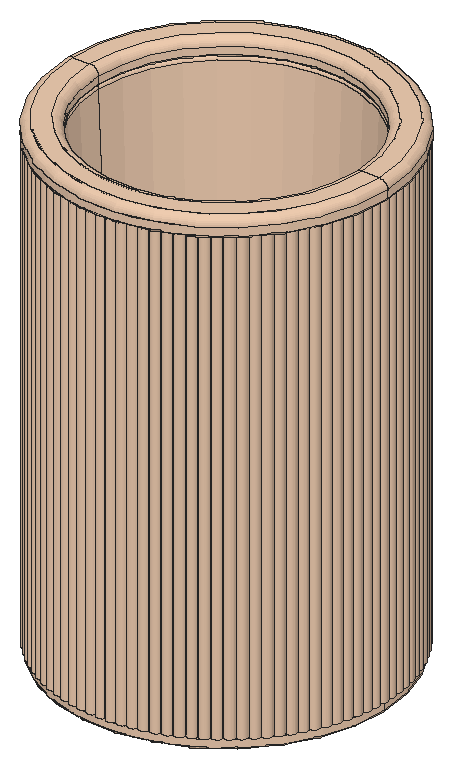
Revit family "DBLTD_TheSenatorGroup_OffcStrg_Furrow", category Furniture, Revit 2019
Family settings
  Work Plane-Based = No
  Always vertical = Yes
  Cut with Voids When Loaded = No
  Shared = Yes
  Room Calculation Point = No
Parameters (values of type "Circular Timber Planter")
  WarrantyStartDate [instance] = "1900-12-31T23:59:59"
  WarrantyGuarantorParts = "n/a"
  WarrantyGuarantorLabor = "n/a"
  WarrantyDurationUnit = "Years"
  WarrantyDurationParts = "n/a"
  WarrantyDurationLabor = "n/a"
  WarrantyDescription = "Allermuir will repair, or replace (at Allermuir’s sole discretion) with comparable free of charge materials/ components, any product/ component which fails under normal use in a single shift environment, as a result of a defect in the materials and/or workmanship. Exceptions - Non-standard product - 2 years Screen-mounted Accessories/ Dry-wipe Boards - 2 years Electrical and/or electronic componentry - 2 years. Exclusions - Allermuir does not warrant: Failure due to normal “Wear and Tear”. Natural variations in appearance of wood - its grain, figure and colour. Changes in surface appearance resulting from exposure to light, and the natural ageing process of wood. Changes in surface appearance resulting from the misuse of cleaning materials and methods/ damage form sharp objects/ imprinting from writing implements. Natural variations in Leather - its marks, scars and wrinkles. Product stored/ exposed to extreme operational conditions. Consumable components such as Fuses/ Lights/ lamps/ transformers/etc. Other Manufacturer’s product supplied by Allermuir (their own warranty shall apply where possible). Non-standard fabrics/ finishes or veneers used. Allermuir only checks the manufacturing quality of Customer’s Own Material (COM) and provides no warrant"
  Version = "2"  # constant formula
  Uniclass2015Version = "Products v1.9"
  Uniclass2015Title = "Office storage units"
  Uniclass2015Code = "Pr_40_30_78_57"
  URL = "https://www.thesenatorgroup.com/"
  Type Comments = ModelNumber  # "FW40RDT"
  TagNumber [instance] = "n/a"
  SustainabilityPerformance = "n/a"  # constant formula
  Style = "n/a"
  Size = "L 400mm x  W 400mm x  H 600mm"
  Shape = "Rectangular"
  SerialNumber [instance] = "n/a"
  Revision = "n/a"
  ReplacementCost = "n/a"
  ProductInformation = "https://www.thesenatorgroup.com/"
  PlanterType = DBLTD_TheSenatorGroup_OffcStrg_Furrow_WoodRound : DBLTD_TheSenatorGroup_OffcStrg_Furrow_WoodRound
  OuterMaterial = TheSenatorGroup_Metal_White
  OmniClassTitle = "Storage"
  OmniClassCode = "22-12 51 19"
  NominalWidth = NominalLength  # 400 mm
  NominalLength = 400 mm
  NominalHeight = 600 mm
  NominalDepth = 400 mm  # constant formula
  Name = "OfficeStorage_Furrow_TheSenatorGroup"
  NBSReference = "45-35-80/360"
  NBSDescription = "Office storage"
  NBSCertification = ""
  ModelReference = "Circular Timber Planter"
  ModelNumber = "FW40RDT"
  Model = ModelNumber  # "FW40RDT"
  Material = "Oak, Steel, HIPS liner"
  ManufacturerURL = "https://www.thesenatorgroup.com/"
  ManufacturerName = "The Senator Group"
  Manufacturer = "The Senator Group"
  MainColor = "n/a"
  Keynote = "Pr_40_30_78_57"
  InstallationDate [instance] = "1900-12-31T23:59:59"
  IfcExportType = "STORAGE"  # constant formula
  IfcExportAs = "IfcFurnitureType"  # constant formula
  Grade = "n/a"
  FrameMaterial [instance] = TheSenatorGroup_Wood_Oak
  Finish = "Available in Oak, Black Steel, White Steel"
  Features = "Furow makes adding plants to workplace and\r\nhospitality interiors easy"
  ExpectedLife = "n/a"
  DurationUnit = "year"
  Description = ModelNumber  # "FW40RDT"
  Cost = 0
  Constituents = ""
  Color = "Defined by Finish Specifed"
  CodePerformance = "n/a"
  Category = "Pr_40_30_78_57:Office storage units"
  BarCode [instance] = "n/a"
  BIMObjectName = "TheSenatorGroup_OfficeStorage_Furrow"
  Author = "Diane Butterworth Ltd"  # constant formula
  AssetType = "Movable"
  AssetIdentifier [instance] = "n/a"
  AccessibilityPerformance = "n/a"
Types (5, lengths in mm): name | Type Comments | Size | PlanterType | NominalWidth | NominalLength | NominalHeight | ModelReference | ModelNumber | Model | Description
  (no name) | "FW40RDT" | "L 400mm x  W 400mm x  H 600mm" | DBLTD_TheSenatorGroup_OffcStrg_Furrow_WoodRound : DBLTD_TheSenatorGroup_OffcStrg_Furrow_WoodRound | 400 | 400 | 600 | "Circular Timber Planter" | "FW40RDT" | "FW40RDT" | "FW40RDT"
  Circular Steel Planter | "FW40RDS" | "L 400mm x  W 400mm x  H 600mm" | DBLTD_TheSenatorGroup_OffcStrg_Furrow_SteelRound : DBLTD_TheSenatorGroup_OffcStrg_Furrow_SteelRound | 400 | 400 | 600 | "Circular Steel Planter" | "FW40RDS" | "FW40RDS" | "FW40RDS"
  Rectangular Steel Planter | "FW4014S" | "L 400mm x  W 1400mm x  H 950mm" | DBLTD_TheSenatorGroup_OffcStrg_Furrow_SteelLong : DBLTD_TheSenatorGroup_OffcStrg_Furrow_SteelLong | 1400 | 1400 | 950 | "Rectangular Steel Planter" | "FW4014S" | "FW4014S" | "FW4014S"
  Circular Timber Planter | "FW40RDT" | "L 400mm x  W 400mm x  H 600mm" | DBLTD_TheSenatorGroup_OffcStrg_Furrow_WoodRound : DBLTD_TheSenatorGroup_OffcStrg_Furrow_WoodRound | 400 | 400 | 600 | "Circular Timber Planter" | "FW40RDT" | "FW40RDT" | "FW40RDT"
  Rectangular Timber Planter | "FW4014T" | "L 400mm x  W 1400mm x  H 950mm" | DBLTD_TheSenatorGroup_OffcStrg_Furrow_WoodLong : DBLTD_TheSenatorGroup_OffcStrg_Furrow_WoodLong | 1400 | 1400 | 950 | "Rectangular Timber Planter" | "FW4014T" | "FW4014T" | "FW4014T"
Reference planes
  plane 1 "Back": y = 0
  plane 2: z = 0
  plane 3 "Center (Left/Right)": x = 0
  plane 4 "Front": y = -400
  plane 5 "Left": x = -200
  plane 6 "Right": x = 200
  plane 7 "Top": z = 600
  plane 8: y = -200
Dimensions and locks
  "NominalDepth": plane 4 "Front" to plane 1 "Back"
  equal spacing: plane 5 "Left", plane 3 "Center (Left/Right)", plane 6 "Right"
  "NominalLength": plane 5 "Left" to plane 6 "Right"
  "NominalHeight": plane 7 "Top" to level
  equal spacing: plane 4 "Front", plane 8, plane 1 "Back"
  aligned and locked: level to plane 2
  aligned and locked: nested 1 to plane 8
  aligned and locked: plane 3 "Center (Left/Right)" to nested 1
Nested families
  nested 1: "DBLTD_TheSenatorGroup_OffcStrg_Furrow_WoodRound" at (0, -200, 0), type <- "PlanterType", CoverStripMaterial <- "FrameMaterial", OuterMaterial <- "OuterMaterial", type "DBLTD_TheSenatorGroup_OffcStrg_Furrow_WoodRound"
    with OuterMaterial TheSenatorGroup_Metal_White, CoverStripMaterial TheSenatorGroup_Wood_Oak
Definition of nested family "DBLTD_TheSenatorGroup_OffcStrg_Furrow_WoodRound"
  Parameters (values of type "DBLTD_TheSenatorGroup_OffcStrg_Furrow_WoodRound")
    OuterMaterial [instance] = none
    CoverStripMaterial [instance] = none
  Reference planes
    plane 1 "Center (Front/Back)": y = 0
    plane 2: z = 0
    plane 3 "Center (Left/Right)": x = 0
  Forms (mm)
    Revolve 1, solid, material <- "CoverStripMaterial"
      sketch origin (0, 0, 0) x (1, 0, 0) y (0, 0, 1)
        loop
          line (-150.381, 343.104) -> (-159.543, 574.272)
          arc (-159.543, 574.272) -> (-161.325, 578.089) -> (-165.298, 579.491) r 5.444
          line (-165.298, 579.491) -> (-160.543, 579.491)
          arc (-160.543, 579.491) -> (-159.836, 579.784) -> (-159.543, 580.491) r 1
          line (-159.543, 580.491) -> (-159.543, 589.5)
          arc (-159.543, 589.5) -> (-162.472, 596.571) -> (-169.543, 599.5) r 10
          line (-169.543, 599.5) -> (-190.99, 599.5)
          arc (-190.99, 599.5) -> (-198.061, 596.571) -> (-200.99, 589.5) r 10
          line (-200.99, 589.5) -> (-200.99, 579.624)
          arc (-200.99, 579.624) -> (-200.661, 578.829) -> (-199.866, 578.5) r 1.124
          line (-199.866, 578.5) -> (-174.532, 578.5) -> (-174.532, 17.5) -> (-195.982, 17.5)
          arc (-195.982, 17.5) -> (-196.702, 17.202) -> (-197, 16.482) r 1.018
          line (-197, 16.482) -> (-197, 6.5)
          arc (-197, 6.5) -> (-196.707, 5.793) -> (-196, 5.5) r 1
          line (-196, 5.5) -> (0, 5.5) -> (0, 333.5) -> (-140.389, 333.5)
          arc (-140.389, 333.5) -> (-147.318, 336.29) -> (-150.381, 343.104) r 10
        axis (0, 599.5) -> (0, 5.5)
      angle from 0 to 360
    Extrusion 2, solid
      sketch origin (0, 0, 0) x (1, 0, 0) y (0, 1, 0)
        loop
          circle (-115.208, 115.249) r 9.99
        loop
          circle (115.208, 115.249) r 9.99
        loop
          circle (-115.208, -115.249) r 9.99
        loop
          circle (115.208, -115.249) r 9.99
      from 0 to 5.576
    Extrusion 3, solid, material <- "CoverStripMaterial"
      sketch origin (0, 0, 0) x (1, 0, 0) y (0, 1, 0)
        loop
          line (-6, 195.05) -> (6, 195.05) -> (6, 196.05)
          arc (6, 196.05) -> (0, 200.229) -> (-6, 196.05) r 6.397
          line (-6, 196.05) -> (-6, 195.05)
      from 17.5 to 578.5
    Extrusion 4, solid, material <- "CoverStripMaterial"
      sketch origin (0, 0, 0) x (0.998027, -0.062791, 0) y (0.062791, 0.998027, 0)
        loop
          line (-6, 195.05) -> (6, 195.05) -> (6, 196.05)
          arc (6, 196.05) -> (0, 200.229) -> (-6, 196.05) r 6.397
          line (-6, 196.05) -> (-6, 195.05)
      from 17.5 to 578.5
    Extrusion 5, solid, material <- "CoverStripMaterial"
      sketch origin (0, 0, 0) x (0.992115, -0.125333, 0) y (0.125333, 0.992115, 0)
        loop
          line (-6, 195.05) -> (6, 195.05) -> (6, 196.05)
          arc (6, 196.05) -> (0, 200.229) -> (-6, 196.05) r 6.397
          line (-6, 196.05) -> (-6, 195.05)
      from 17.5 to 578.5
    Extrusion 6, solid, material <- "CoverStripMaterial"
      sketch origin (0, 0, 0) x (0.982287, -0.187381, 0) y (0.187381, 0.982287, 0)
        loop
          line (-6, 195.05) -> (6, 195.05) -> (6, 196.05)
          arc (6, 196.05) -> (0, 200.229) -> (-6, 196.05) r 6.397
          line (-6, 196.05) -> (-6, 195.05)
      from 17.5 to 578.5
    Extrusion 7, solid, material <- "CoverStripMaterial"
      sketch origin (0, 0, 0) x (0.968583, -0.24869, 0) y (0.24869, 0.968583, 0)
        loop
          line (-6, 195.05) -> (6, 195.05) -> (6, 196.05)
          arc (6, 196.05) -> (0, 200.229) -> (-6, 196.05) r 6.397
          line (-6, 196.05) -> (-6, 195.05)
      from 17.5 to 578.5
    Extrusion 8, solid, material <- "CoverStripMaterial"
      sketch origin (0, 0, 0) x (0.951056, -0.309017, 0) y (0.309017, 0.951056, 0)
        loop
          line (-6, 195.05) -> (6, 195.05) -> (6, 196.05)
          arc (6, 196.05) -> (0, 200.229) -> (-6, 196.05) r 6.397
          line (-6, 196.05) -> (-6, 195.05)
      from 17.5 to 578.5
    Extrusion 9, solid, material <- "CoverStripMaterial"
      sketch origin (0, 0, 0) x (0.929776, -0.368125, 0) y (0.368125, 0.929776, 0)
        loop
          line (-6, 195.05) -> (6, 195.05) -> (6, 196.05)
          arc (6, 196.05) -> (0, 200.229) -> (-6, 196.05) r 6.397
          line (-6, 196.05) -> (-6, 195.05)
      from 17.5 to 578.5
    Extrusion 10, solid, material <- "CoverStripMaterial"
      sketch origin (0, 0, 0) x (0.904827, -0.425779, 0) y (0.425779, 0.904827, 0)
        loop
          line (-6, 195.05) -> (6, 195.05) -> (6, 196.05)
          arc (6, 196.05) -> (0, 200.229) -> (-6, 196.05) r 6.397
          line (-6, 196.05) -> (-6, 195.05)
      from 17.5 to 578.5
    Extrusion 11, solid, material <- "CoverStripMaterial"
      sketch origin (0, 0, 0) x (0.876307, -0.481754, 0) y (0.481754, 0.876307, 0)
        loop
          line (-6, 195.05) -> (6, 195.05) -> (6, 196.05)
          arc (6, 196.05) -> (0, 200.229) -> (-6, 196.05) r 6.397
          line (-6, 196.05) -> (-6, 195.05)
      from 17.5 to 578.5
    Extrusion 12, solid, material <- "CoverStripMaterial"
      sketch origin (0, 0, 0) x (0.844328, -0.535827, 0) y (0.535827, 0.844328, 0)
        loop
          line (-6, 195.05) -> (6, 195.05) -> (6, 196.05)
          arc (6, 196.05) -> (0, 200.229) -> (-6, 196.05) r 6.397
          line (-6, 196.05) -> (-6, 195.05)
      from 17.5 to 578.5
    Extrusion 13, solid, material <- "CoverStripMaterial"
      sketch origin (0, 0, 0) x (0.809017, -0.587785, 0) y (0.587785, 0.809017, 0)
        loop
          line (-6, 195.05) -> (6, 195.05) -> (6, 196.05)
          arc (6, 196.05) -> (0, 200.229) -> (-6, 196.05) r 6.397
          line (-6, 196.05) -> (-6, 195.05)
      from 17.5 to 578.5
    Extrusion 14, solid, material <- "CoverStripMaterial"
      sketch origin (0, 0, 0) x (0.770513, -0.637424, 0) y (0.637424, 0.770513, 0)
        loop
          line (-6, 195.05) -> (6, 195.05) -> (6, 196.05)
          arc (6, 196.05) -> (0, 200.229) -> (-6, 196.05) r 6.397
          line (-6, 196.05) -> (-6, 195.05)
      from 17.5 to 578.5
    Extrusion 15, solid, material <- "CoverStripMaterial"
      sketch origin (0, 0, 0) x (0.728968, -0.684547, 0) y (0.684547, 0.728968, 0)
        loop
          line (-6, 195.05) -> (6, 195.05) -> (6, 196.05)
          arc (6, 196.05) -> (0, 200.229) -> (-6, 196.05) r 6.397
          line (-6, 196.05) -> (-6, 195.05)
      from 17.5 to 578.5
    Extrusion 16, solid, material <- "CoverStripMaterial"
      sketch origin (0, 0, 0) x (0.684547, -0.728969, 0) y (0.728969, 0.684547, 0)
        loop
          line (-6, 195.05) -> (6, 195.05) -> (6, 196.05)
          arc (6, 196.05) -> (0, 200.229) -> (-6, 196.05) r 6.397
          line (-6, 196.05) -> (-6, 195.05)
      from 17.5 to 578.5
    Extrusion 17, solid, material <- "CoverStripMaterial"
      sketch origin (0, 0, 0) x (0.637424, -0.770514, 0) y (0.770514, 0.637424, 0)
        loop
          line (-6, 195.05) -> (6, 195.05) -> (6, 196.05)
          arc (6, 196.05) -> (0, 200.229) -> (-6, 196.05) r 6.397
          line (-6, 196.05) -> (-6, 195.05)
      from 17.5 to 578.5
    Extrusion 18, solid, material <- "CoverStripMaterial"
      sketch origin (0, 0, 0) x (0.587785, -0.809017, 0) y (0.809017, 0.587785, 0)
        loop
          line (-6, 195.05) -> (6, 195.05) -> (6, 196.05)
          arc (6, 196.05) -> (0, 200.229) -> (-6, 196.05) r 6.397
          line (-6, 196.05) -> (-6, 195.05)
      from 17.5 to 578.5
    Extrusion 19, solid, material <- "CoverStripMaterial"
      sketch origin (0, 0, 0) x (0.535826, -0.844328, 0) y (0.844328, 0.535826, 0)
        loop
          line (-6, 195.05) -> (6, 195.05) -> (6, 196.05)
          arc (6, 196.05) -> (0, 200.229) -> (-6, 196.05) r 6.397
          line (-6, 196.05) -> (-6, 195.05)
      from 17.5 to 578.5
    Extrusion 20, solid, material <- "CoverStripMaterial"
      sketch origin (0, 0, 0) x (0.481753, -0.876307, 0) y (0.876307, 0.481753, 0)
        loop
          line (-6, 195.05) -> (6, 195.05) -> (6, 196.05)
          arc (6, 196.05) -> (0, 200.229) -> (-6, 196.05) r 6.397
          line (-6, 196.05) -> (-6, 195.05)
      from 17.5 to 578.5
    Extrusion 21, solid, material <- "CoverStripMaterial"
      sketch origin (0, 0, 0) x (0.425779, -0.904827, 0) y (0.904827, 0.425779, 0)
        loop
          line (-6, 195.05) -> (6, 195.05) -> (6, 196.05)
          arc (6, 196.05) -> (0, 200.229) -> (-6, 196.05) r 6.397
          line (-6, 196.05) -> (-6, 195.05)
      from 17.5 to 578.5
    Extrusion 22, solid, material <- "CoverStripMaterial"
      sketch origin (0, 0, 0) x (0.368124, -0.929777, 0) y (0.929777, 0.368124, 0)
        loop
          line (-6, 195.05) -> (6, 195.05) -> (6, 196.05)
          arc (6, 196.05) -> (0, 200.229) -> (-6, 196.05) r 6.397
          line (-6, 196.05) -> (-6, 195.05)
      from 17.5 to 578.5
    Extrusion 23, solid, material <- "CoverStripMaterial"
      sketch origin (0, 0, 0) x (0.309016, -0.951057, 0) y (0.951057, 0.309016, 0)
        loop
          line (-6, 195.05) -> (6, 195.05) -> (6, 196.05)
          arc (6, 196.05) -> (0, 200.229) -> (-6, 196.05) r 6.397
          line (-6, 196.05) -> (-6, 195.05)
      from 17.5 to 578.5
    Extrusion 24, solid, material <- "CoverStripMaterial"
      sketch origin (0, 0, 0) x (0.248689, -0.968583, 0) y (0.968583, 0.248689, 0)
        loop
          line (-6, 195.05) -> (6, 195.05) -> (6, 196.05)
          arc (6, 196.05) -> (0, 200.229) -> (-6, 196.05) r 6.397
          line (-6, 196.05) -> (-6, 195.05)
      from 17.5 to 578.5
    Extrusion 25, solid, material <- "CoverStripMaterial"
      sketch origin (0, 0, 0) x (0.187381, -0.982287, 0) y (0.982287, 0.187381, 0)
        loop
          line (-6, 195.05) -> (6, 195.05) -> (6, 196.05)
          arc (6, 196.05) -> (0, 200.229) -> (-6, 196.05) r 6.397
          line (-6, 196.05) -> (-6, 195.05)
      from 17.5 to 578.5
    Extrusion 26, solid, material <- "CoverStripMaterial"
      sketch origin (0, 0, 0) x (0.125333, -0.992115, 0) y (0.992115, 0.125333, 0)
        loop
          line (-6, 195.05) -> (6, 195.05) -> (6, 196.05)
          arc (6, 196.05) -> (0, 200.229) -> (-6, 196.05) r 6.397
          line (-6, 196.05) -> (-6, 195.05)
      from 17.5 to 578.5
    Extrusion 27, solid, material <- "CoverStripMaterial"
      sketch origin (0, 0, 0) x (0.06279, -0.998027, 0) y (0.998027, 0.06279, 0)
        loop
          line (-6, 195.05) -> (6, 195.05) -> (6, 196.05)
          arc (6, 196.05) -> (0, 200.229) -> (-6, 196.05) r 6.397
          line (-6, 196.05) -> (-6, 195.05)
      from 17.5 to 578.5
    Extrusion 28, solid, material <- "CoverStripMaterial"
      sketch origin (0, 0, 0) x (-0.000001, -1, 0) y (1, -0.000001, 0)
        loop
          line (-6, 195.05) -> (6, 195.05) -> (6, 196.05)
          arc (6, 196.05) -> (0, 200.229) -> (-6, 196.05) r 6.397
          line (-6, 196.05) -> (-6, 195.05)
      from 17.5 to 578.5
    Extrusion 29, solid, material <- "CoverStripMaterial"
      sketch origin (0, 0, 0) x (-0.062791, -0.998027, 0) y (0.998027, -0.062791, 0)
        loop
          line (-6, 195.05) -> (6, 195.05) -> (6, 196.05)
          arc (6, 196.05) -> (0, 200.229) -> (-6, 196.05) r 6.397
          line (-6, 196.05) -> (-6, 195.05)
      from 17.5 to 578.5
    Extrusion 30, solid, material <- "CoverStripMaterial"
      sketch origin (0, 0, 0) x (-0.125334, -0.992115, 0) y (0.992115, -0.125334, 0)
        loop
          line (-6, 195.05) -> (6, 195.05) -> (6, 196.05)
          arc (6, 196.05) -> (0, 200.229) -> (-6, 196.05) r 6.397
          line (-6, 196.05) -> (-6, 195.05)
      from 17.5 to 578.5
    Extrusion 31, solid, material <- "CoverStripMaterial"
      sketch origin (0, 0, 0) x (-0.187382, -0.982287, 0) y (0.982287, -0.187382, 0)
        loop
          line (-6, 195.05) -> (6, 195.05) -> (6, 196.05)
          arc (6, 196.05) -> (0, 200.229) -> (-6, 196.05) r 6.397
          line (-6, 196.05) -> (-6, 195.05)
      from 17.5 to 578.5
    Extrusion 32, solid, material <- "CoverStripMaterial"
      sketch origin (0, 0, 0) x (-0.248691, -0.968583, 0) y (0.968583, -0.248691, 0)
        loop
          line (-6, 195.05) -> (6, 195.05) -> (6, 196.05)
          arc (6, 196.05) -> (0, 200.229) -> (-6, 196.05) r 6.397
          line (-6, 196.05) -> (-6, 195.05)
      from 17.5 to 578.5
    Extrusion 33, solid, material <- "CoverStripMaterial"
      sketch origin (0, 0, 0) x (-0.309018, -0.951056, 0) y (0.951056, -0.309018, 0)
        loop
          line (-6, 195.05) -> (6, 195.05) -> (6, 196.05)
          arc (6, 196.05) -> (0, 200.229) -> (-6, 196.05) r 6.397
          line (-6, 196.05) -> (-6, 195.05)
      from 17.5 to 578.5
    Extrusion 34, solid, material <- "CoverStripMaterial"
      sketch origin (0, 0, 0) x (-0.368125, -0.929776, 0) y (0.929776, -0.368125, 0)
        loop
          line (-6, 195.05) -> (6, 195.05) -> (6, 196.05)
          arc (6, 196.05) -> (0, 200.229) -> (-6, 196.05) r 6.397
          line (-6, 196.05) -> (-6, 195.05)
      from 17.5 to 578.5
    Extrusion 35, solid, material <- "CoverStripMaterial"
      sketch origin (0, 0, 0) x (-0.42578, -0.904827, 0) y (0.904827, -0.42578, 0)
        loop
          line (-6, 195.05) -> (6, 195.05) -> (6, 196.05)
          arc (6, 196.05) -> (0, 200.229) -> (-6, 196.05) r 6.397
          line (-6, 196.05) -> (-6, 195.05)
      from 17.5 to 578.5
    Extrusion 36, solid, material <- "CoverStripMaterial"
      sketch origin (0, 0, 0) x (-0.481755, -0.876306, 0) y (0.876306, -0.481755, 0)
        loop
          line (-6, 195.05) -> (6, 195.05) -> (6, 196.05)
          arc (6, 196.05) -> (0, 200.229) -> (-6, 196.05) r 6.397
          line (-6, 196.05) -> (-6, 195.05)
      from 17.5 to 578.5
    Extrusion 37, solid, material <- "CoverStripMaterial"
      sketch origin (0, 0, 0) x (-0.535828, -0.844327, 0) y (0.844327, -0.535828, 0)
        loop
          line (-6, 195.05) -> (6, 195.05) -> (6, 196.05)
          arc (6, 196.05) -> (0, 200.229) -> (-6, 196.05) r 6.397
          line (-6, 196.05) -> (-6, 195.05)
      from 17.5 to 578.5
    Extrusion 38, solid, material <- "CoverStripMaterial"
      sketch origin (0, 0, 0) x (-0.587786, -0.809016, 0) y (0.809016, -0.587786, 0)
        loop
          line (-6, 195.05) -> (6, 195.05) -> (6, 196.05)
          arc (6, 196.05) -> (0, 200.229) -> (-6, 196.05) r 6.397
          line (-6, 196.05) -> (-6, 195.05)
      from 17.5 to 578.5
    Extrusion 39, solid, material <- "CoverStripMaterial"
      sketch origin (0, 0, 0) x (-0.637425, -0.770513, 0) y (0.770513, -0.637425, 0)
        loop
          line (-6, 195.05) -> (6, 195.05) -> (6, 196.05)
          arc (6, 196.05) -> (0, 200.229) -> (-6, 196.05) r 6.397
          line (-6, 196.05) -> (-6, 195.05)
      from 17.5 to 578.5
    Extrusion 40, solid, material <- "CoverStripMaterial"
      sketch origin (0, 0, 0) x (-0.684548, -0.728968, 0) y (0.728968, -0.684548, 0)
        loop
          line (-6, 195.05) -> (6, 195.05) -> (6, 196.05)
          arc (6, 196.05) -> (0, 200.229) -> (-6, 196.05) r 6.397
          line (-6, 196.05) -> (-6, 195.05)
      from 17.5 to 578.5
    Extrusion 41, solid, material <- "CoverStripMaterial"
      sketch origin (0, 0, 0) x (-0.728969, -0.684546, 0) y (0.684546, -0.728969, 0)
        loop
          line (-6, 195.05) -> (6, 195.05) -> (6, 196.05)
          arc (6, 196.05) -> (0, 200.229) -> (-6, 196.05) r 6.397
          line (-6, 196.05) -> (-6, 195.05)
      from 17.5 to 578.5
    Extrusion 42, solid, material <- "CoverStripMaterial"
      sketch origin (0, 0, 0) x (-0.770514, -0.637423, 0) y (0.637423, -0.770514, 0)
        loop
          line (-6, 195.05) -> (6, 195.05) -> (6, 196.05)
          arc (6, 196.05) -> (0, 200.229) -> (-6, 196.05) r 6.397
          line (-6, 196.05) -> (-6, 195.05)
      from 17.5 to 578.5
    Extrusion 43, solid, material <- "CoverStripMaterial"
      sketch origin (0, 0, 0) x (-0.809018, -0.587784, 0) y (0.587784, -0.809018, 0)
        loop
          line (-6, 195.05) -> (6, 195.05) -> (6, 196.05)
          arc (6, 196.05) -> (0, 200.229) -> (-6, 196.05) r 6.397
          line (-6, 196.05) -> (-6, 195.05)
      from 17.5 to 578.5
    Extrusion 44, solid, material <- "CoverStripMaterial"
      sketch origin (0, 0, 0) x (-0.844329, -0.535826, 0) y (0.535826, -0.844329, 0)
        loop
          line (-6, 195.05) -> (6, 195.05) -> (6, 196.05)
          arc (6, 196.05) -> (0, 200.229) -> (-6, 196.05) r 6.397
          line (-6, 196.05) -> (-6, 195.05)
      from 17.5 to 578.5
    Extrusion 45, solid, material <- "CoverStripMaterial"
      sketch origin (0, 0, 0) x (-0.876307, -0.481753, 0) y (0.481753, -0.876307, 0)
        loop
          line (-6, 195.05) -> (6, 195.05) -> (6, 196.05)
          arc (6, 196.05) -> (0, 200.229) -> (-6, 196.05) r 6.397
          line (-6, 196.05) -> (-6, 195.05)
      from 17.5 to 578.5
    Extrusion 46, solid, material <- "CoverStripMaterial"
      sketch origin (0, 0, 0) x (-0.904828, -0.425778, 0) y (0.425778, -0.904828, 0)
        loop
          line (-6, 195.05) -> (6, 195.05) -> (6, 196.05)
          arc (6, 196.05) -> (0, 200.229) -> (-6, 196.05) r 6.397
          line (-6, 196.05) -> (-6, 195.05)
      from 17.5 to 578.5
    Extrusion 47, solid, material <- "CoverStripMaterial"
      sketch origin (0, 0, 0) x (-0.929777, -0.368123, 0) y (0.368123, -0.929777, 0)
        loop
          line (-6, 195.05) -> (6, 195.05) -> (6, 196.05)
          arc (6, 196.05) -> (0, 200.229) -> (-6, 196.05) r 6.397
          line (-6, 196.05) -> (-6, 195.05)
      from 17.5 to 578.5
    Extrusion 48, solid, material <- "CoverStripMaterial"
      sketch origin (0, 0, 0) x (-0.951057, -0.309016, 0) y (0.309016, -0.951057, 0)
        loop
          line (-6, 195.05) -> (6, 195.05) -> (6, 196.05)
          arc (6, 196.05) -> (0, 200.229) -> (-6, 196.05) r 6.397
          line (-6, 196.05) -> (-6, 195.05)
      from 17.5 to 578.5
    Extrusion 49, solid, material <- "CoverStripMaterial"
      sketch origin (0, 0, 0) x (-0.968583, -0.248689, 0) y (0.248689, -0.968583, 0)
        loop
          line (-6, 195.05) -> (6, 195.05) -> (6, 196.05)
          arc (6, 196.05) -> (0, 200.229) -> (-6, 196.05) r 6.397
          line (-6, 196.05) -> (-6, 195.05)
      from 17.5 to 578.5
    Extrusion 50, solid, material <- "CoverStripMaterial"
      sketch origin (0, 0, 0) x (-0.982288, -0.18738, 0) y (0.18738, -0.982288, 0)
        loop
          line (-6, 195.05) -> (6, 195.05) -> (6, 196.05)
          arc (6, 196.05) -> (0, 200.229) -> (-6, 196.05) r 6.397
          line (-6, 196.05) -> (-6, 195.05)
      from 17.5 to 578.5
    Extrusion 51, solid, material <- "CoverStripMaterial"
      sketch origin (0, 0, 0) x (-0.992115, -0.125332, 0) y (0.125332, -0.992115, 0)
        loop
          line (-6, 195.05) -> (6, 195.05) -> (6, 196.05)
          arc (6, 196.05) -> (0, 200.229) -> (-6, 196.05) r 6.397
          line (-6, 196.05) -> (-6, 195.05)
      from 17.5 to 578.5
    Extrusion 52, solid, material <- "CoverStripMaterial"
      sketch origin (0, 0, 0) x (-0.998027, -0.062789, 0) y (0.062789, -0.998027, 0)
        loop
          line (-6, 195.05) -> (6, 195.05) -> (6, 196.05)
          arc (6, 196.05) -> (0, 200.229) -> (-6, 196.05) r 6.397
          line (-6, 196.05) -> (-6, 195.05)
      from 17.5 to 578.5
    Extrusion 53, solid, material <- "CoverStripMaterial"
      sketch origin (0, 0, 0) x (-1, 0.000001, 0) y (-0.000001, -1, 0)
        loop
          line (-6, 195.05) -> (6, 195.05) -> (6, 196.05)
          arc (6, 196.05) -> (0, 200.229) -> (-6, 196.05) r 6.397
          line (-6, 196.05) -> (-6, 195.05)
      from 17.5 to 578.5
    Extrusion 54, solid, material <- "CoverStripMaterial"
      sketch origin (0, 0, 0) x (-0.998027, 0.062792, 0) y (-0.062792, -0.998027, 0)
        loop
          line (-6, 195.05) -> (6, 195.05) -> (6, 196.05)
          arc (6, 196.05) -> (0, 200.229) -> (-6, 196.05) r 6.397
          line (-6, 196.05) -> (-6, 195.05)
      from 17.5 to 578.5
    Extrusion 55, solid, material <- "CoverStripMaterial"
      sketch origin (0, 0, 0) x (-0.992115, 0.125335, 0) y (-0.125335, -0.992115, 0)
        loop
          line (-6, 195.05) -> (6, 195.05) -> (6, 196.05)
          arc (6, 196.05) -> (0, 200.229) -> (-6, 196.05) r 6.397
          line (-6, 196.05) -> (-6, 195.05)
      from 17.5 to 578.5
    Extrusion 56, solid, material <- "CoverStripMaterial"
      sketch origin (0, 0, 0) x (-0.982287, 0.187383, 0) y (-0.187383, -0.982287, 0)
        loop
          line (-6, 195.05) -> (6, 195.05) -> (6, 196.05)
          arc (6, 196.05) -> (0, 200.229) -> (-6, 196.05) r 6.397
          line (-6, 196.05) -> (-6, 195.05)
      from 17.5 to 578.5
    Extrusion 57, solid, material <- "CoverStripMaterial"
      sketch origin (0, 0, 0) x (-0.968583, 0.248691, 0) y (-0.248691, -0.968583, 0)
        loop
          line (-6, 195.05) -> (6, 195.05) -> (6, 196.05)
          arc (6, 196.05) -> (0, 200.229) -> (-6, 196.05) r 6.397
          line (-6, 196.05) -> (-6, 195.05)
      from 17.5 to 578.5
    Extrusion 58, solid, material <- "CoverStripMaterial"
      sketch origin (0, 0, 0) x (-0.951056, 0.309019, 0) y (-0.309019, -0.951056, 0)
        loop
          line (-6, 195.05) -> (6, 195.05) -> (6, 196.05)
          arc (6, 196.05) -> (0, 200.229) -> (-6, 196.05) r 6.397
          line (-6, 196.05) -> (-6, 195.05)
      from 17.5 to 578.5
    Extrusion 59, solid, material <- "CoverStripMaterial"
      sketch origin (0, 0, 0) x (-0.929776, 0.368126, 0) y (-0.368126, -0.929776, 0)
        loop
          line (-6, 195.05) -> (6, 195.05) -> (6, 196.05)
          arc (6, 196.05) -> (0, 200.229) -> (-6, 196.05) r 6.397
          line (-6, 196.05) -> (-6, 195.05)
      from 17.5 to 578.5
    Extrusion 60, solid, material <- "CoverStripMaterial"
      sketch origin (0, 0, 0) x (-0.904826, 0.425781, 0) y (-0.425781, -0.904826, 0)
        loop
          line (-6, 195.05) -> (6, 195.05) -> (6, 196.05)
          arc (6, 196.05) -> (0, 200.229) -> (-6, 196.05) r 6.397
          line (-6, 196.05) -> (-6, 195.05)
      from 17.5 to 578.5
    Extrusion 61, solid, material <- "CoverStripMaterial"
      sketch origin (0, 0, 0) x (-0.876306, 0.481755, 0) y (-0.481755, -0.876306, 0)
        loop
          line (-6, 195.05) -> (6, 195.05) -> (6, 196.05)
          arc (6, 196.05) -> (0, 200.229) -> (-6, 196.05) r 6.397
          line (-6, 196.05) -> (-6, 195.05)
      from 17.5 to 578.5
    Extrusion 62, solid, material <- "CoverStripMaterial"
      sketch origin (0, 0, 0) x (-0.844327, 0.535828, 0) y (-0.535828, -0.844327, 0)
        loop
          line (-6, 195.05) -> (6, 195.05) -> (6, 196.05)
          arc (6, 196.05) -> (0, 200.229) -> (-6, 196.05) r 6.397
          line (-6, 196.05) -> (-6, 195.05)
      from 17.5 to 578.5
    Extrusion 63, solid, material <- "CoverStripMaterial"
      sketch origin (0, 0, 0) x (-0.809016, 0.587787, 0) y (-0.587787, -0.809016, 0)
        loop
          line (-6, 195.05) -> (6, 195.05) -> (6, 196.05)
          arc (6, 196.05) -> (0, 200.229) -> (-6, 196.05) r 6.397
          line (-6, 196.05) -> (-6, 195.05)
      from 17.5 to 578.5
    Extrusion 64, solid, material <- "CoverStripMaterial"
      sketch origin (0, 0, 0) x (-0.770512, 0.637425, 0) y (-0.637425, -0.770512, 0)
        loop
          line (-6, 195.05) -> (6, 195.05) -> (6, 196.05)
          arc (6, 196.05) -> (0, 200.229) -> (-6, 196.05) r 6.397
          line (-6, 196.05) -> (-6, 195.05)
      from 17.5 to 578.5
    Extrusion 65, solid, material <- "CoverStripMaterial"
      sketch origin (0, 0, 0) x (-0.728967, 0.684548, 0) y (-0.684548, -0.728967, 0)
        loop
          line (-6, 195.05) -> (6, 195.05) -> (6, 196.05)
          arc (6, 196.05) -> (0, 200.229) -> (-6, 196.05) r 6.397
          line (-6, 196.05) -> (-6, 195.05)
      from 17.5 to 578.5
    Extrusion 66, solid, material <- "CoverStripMaterial"
      sketch origin (0, 0, 0) x (-0.684546, 0.72897, 0) y (-0.72897, -0.684546, 0)
        loop
          line (-6, 195.05) -> (6, 195.05) -> (6, 196.05)
          arc (6, 196.05) -> (0, 200.229) -> (-6, 196.05) r 6.397
          line (-6, 196.05) -> (-6, 195.05)
      from 17.5 to 578.5
    Extrusion 67, solid, material <- "CoverStripMaterial"
      sketch origin (0, 0, 0) x (-0.637423, 0.770514, 0) y (-0.770514, -0.637423, 0)
        loop
          line (-6, 195.05) -> (6, 195.05) -> (6, 196.05)
          arc (6, 196.05) -> (0, 200.229) -> (-6, 196.05) r 6.397
          line (-6, 196.05) -> (-6, 195.05)
      from 17.5 to 578.5
    Extrusion 68, solid, material <- "CoverStripMaterial"
      sketch origin (0, 0, 0) x (-0.587784, 0.809018, 0) y (-0.809018, -0.587784, 0)
        loop
          line (-6, 195.05) -> (6, 195.05) -> (6, 196.05)
          arc (6, 196.05) -> (0, 200.229) -> (-6, 196.05) r 6.397
          line (-6, 196.05) -> (-6, 195.05)
      from 17.5 to 578.5
    Extrusion 69, solid, material <- "CoverStripMaterial"
      sketch origin (0, 0, 0) x (-0.535825, 0.844329, 0) y (-0.844329, -0.535825, 0)
        loop
          line (-6, 195.05) -> (6, 195.05) -> (6, 196.05)
          arc (6, 196.05) -> (0, 200.229) -> (-6, 196.05) r 6.397
          line (-6, 196.05) -> (-6, 195.05)
      from 17.5 to 578.5
    Extrusion 70, solid, material <- "CoverStripMaterial"
      sketch origin (0, 0, 0) x (-0.481752, 0.876308, 0) y (-0.876308, -0.481752, 0)
        loop
          line (-6, 195.05) -> (6, 195.05) -> (6, 196.05)
          arc (6, 196.05) -> (0, 200.229) -> (-6, 196.05) r 6.397
          line (-6, 196.05) -> (-6, 195.05)
      from 17.5 to 578.5
    Extrusion 71, solid, material <- "CoverStripMaterial"
      sketch origin (0, 0, 0) x (-0.425777, 0.904828, 0) y (-0.904828, -0.425777, 0)
        loop
          line (-6, 195.05) -> (6, 195.05) -> (6, 196.05)
          arc (6, 196.05) -> (0, 200.229) -> (-6, 196.05) r 6.397
          line (-6, 196.05) -> (-6, 195.05)
      from 17.5 to 578.5
    Extrusion 72, solid, material <- "CoverStripMaterial"
      sketch origin (0, 0, 0) x (-0.368123, 0.929777, 0) y (-0.929777, -0.368123, 0)
        loop
          line (-6, 195.05) -> (6, 195.05) -> (6, 196.05)
          arc (6, 196.05) -> (0, 200.229) -> (-6, 196.05) r 6.397
          line (-6, 196.05) -> (-6, 195.05)
      from 17.5 to 578.5
    Extrusion 73, solid, material <- "CoverStripMaterial"
      sketch origin (0, 0, 0) x (-0.309015, 0.951057, 0) y (-0.951057, -0.309015, 0)
        loop
          line (-6, 195.05) -> (6, 195.05) -> (6, 196.05)
          arc (6, 196.05) -> (0, 200.229) -> (-6, 196.05) r 6.397
          line (-6, 196.05) -> (-6, 195.05)
      from 17.5 to 578.5
    Extrusion 74, solid, material <- "CoverStripMaterial"
      sketch origin (0, 0, 0) x (-0.248688, 0.968584, 0) y (-0.968584, -0.248688, 0)
        loop
          line (-6, 195.05) -> (6, 195.05) -> (6, 196.05)
          arc (6, 196.05) -> (0, 200.229) -> (-6, 196.05) r 6.397
          line (-6, 196.05) -> (-6, 195.05)
      from 17.5 to 578.5
    Extrusion 75, solid, material <- "CoverStripMaterial"
      sketch origin (0, 0, 0) x (-0.187379, 0.982288, 0) y (-0.982288, -0.187379, 0)
        loop
          line (-6, 195.05) -> (6, 195.05) -> (6, 196.05)
          arc (6, 196.05) -> (0, 200.229) -> (-6, 196.05) r 6.397
          line (-6, 196.05) -> (-6, 195.05)
      from 17.5 to 578.5
    Extrusion 76, solid, material <- "CoverStripMaterial"
      sketch origin (0, 0, 0) x (-0.125331, 0.992115, 0) y (-0.992115, -0.125331, 0)
        loop
          line (-6, 195.05) -> (6, 195.05) -> (6, 196.05)
          arc (6, 196.05) -> (0, 200.229) -> (-6, 196.05) r 6.397
          line (-6, 196.05) -> (-6, 195.05)
      from 17.5 to 578.5
    Extrusion 77, solid, material <- "CoverStripMaterial"
      sketch origin (0, 0, 0) x (-0.062788, 0.998027, 0) y (-0.998027, -0.062788, 0)
        loop
          line (-6, 195.05) -> (6, 195.05) -> (6, 196.05)
          arc (6, 196.05) -> (0, 200.229) -> (-6, 196.05) r 6.397
          line (-6, 196.05) -> (-6, 195.05)
      from 17.5 to 578.5
    Extrusion 78, solid, material <- "CoverStripMaterial"
      sketch origin (0, 0, 0) x (0.000002, 1, 0) y (-1, 0.000002, 0)
        loop
          line (-6, 195.05) -> (6, 195.05) -> (6, 196.05)
          arc (6, 196.05) -> (0, 200.229) -> (-6, 196.05) r 6.397
          line (-6, 196.05) -> (-6, 195.05)
      from 17.5 to 578.5
    Extrusion 79, solid, material <- "CoverStripMaterial"
      sketch origin (0, 0, 0) x (0.062793, 0.998027, 0) y (-0.998027, 0.062793, 0)
        loop
          line (-6, 195.05) -> (6, 195.05) -> (6, 196.05)
          arc (6, 196.05) -> (0, 200.229) -> (-6, 196.05) r 6.397
          line (-6, 196.05) -> (-6, 195.05)
      from 17.5 to 578.5
    Extrusion 80, solid, material <- "CoverStripMaterial"
      sketch origin (0, 0, 0) x (0.125335, 0.992114, 0) y (-0.992114, 0.125335, 0)
        loop
          line (-6, 195.05) -> (6, 195.05) -> (6, 196.05)
          arc (6, 196.05) -> (0, 200.229) -> (-6, 196.05) r 6.397
          line (-6, 196.05) -> (-6, 195.05)
      from 17.5 to 578.5
    Extrusion 81, solid, material <- "CoverStripMaterial"
      sketch origin (0, 0, 0) x (0.187384, 0.982287, 0) y (-0.982287, 0.187384, 0)
        loop
          line (-6, 195.05) -> (6, 195.05) -> (6, 196.05)
          arc (6, 196.05) -> (0, 200.229) -> (-6, 196.05) r 6.397
          line (-6, 196.05) -> (-6, 195.05)
      from 17.5 to 578.5
    Extrusion 82, solid, material <- "CoverStripMaterial"
      sketch origin (0, 0, 0) x (0.248692, 0.968583, 0) y (-0.968583, 0.248692, 0)
        loop
          line (-6, 195.05) -> (6, 195.05) -> (6, 196.05)
          arc (6, 196.05) -> (0, 200.229) -> (-6, 196.05) r 6.397
          line (-6, 196.05) -> (-6, 195.05)
      from 17.5 to 578.5
    Extrusion 83, solid, material <- "CoverStripMaterial"
      sketch origin (0, 0, 0) x (0.309019, 0.951056, 0) y (-0.951056, 0.309019, 0)
        loop
          line (-6, 195.05) -> (6, 195.05) -> (6, 196.05)
          arc (6, 196.05) -> (0, 200.229) -> (-6, 196.05) r 6.397
          line (-6, 196.05) -> (-6, 195.05)
      from 17.5 to 578.5
    Extrusion 84, solid, material <- "CoverStripMaterial"
      sketch origin (0, 0, 0) x (0.368127, 0.929776, 0) y (-0.929776, 0.368127, 0)
        loop
          line (-6, 195.05) -> (6, 195.05) -> (6, 196.05)
          arc (6, 196.05) -> (0, 200.229) -> (-6, 196.05) r 6.397
          line (-6, 196.05) -> (-6, 195.05)
      from 17.5 to 578.5
    Extrusion 85, solid, material <- "CoverStripMaterial"
      sketch origin (0, 0, 0) x (0.425781, 0.904826, 0) y (-0.904826, 0.425781, 0)
        loop
          line (-6, 195.05) -> (6, 195.05) -> (6, 196.05)
          arc (6, 196.05) -> (0, 200.229) -> (-6, 196.05) r 6.397
          line (-6, 196.05) -> (-6, 195.05)
      from 17.5 to 578.5
    Extrusion 86, solid, material <- "CoverStripMaterial"
      sketch origin (0, 0, 0) x (0.481756, 0.876306, 0) y (-0.876306, 0.481756, 0)
        loop
          line (-6, 195.05) -> (6, 195.05) -> (6, 196.05)
          arc (6, 196.05) -> (0, 200.229) -> (-6, 196.05) r 6.397
          line (-6, 196.05) -> (-6, 195.05)
      from 17.5 to 578.5
    Extrusion 87, solid, material <- "CoverStripMaterial"
      sketch origin (0, 0, 0) x (0.535829, 0.844327, 0) y (-0.844327, 0.535829, 0)
        loop
          line (-6, 195.05) -> (6, 195.05) -> (6, 196.05)
          arc (6, 196.05) -> (0, 200.229) -> (-6, 196.05) r 6.397
          line (-6, 196.05) -> (-6, 195.05)
      from 17.5 to 578.5
    Extrusion 88, solid, material <- "CoverStripMaterial"
      sketch origin (0, 0, 0) x (0.587787, 0.809016, 0) y (-0.809016, 0.587787, 0)
        loop
          line (-6, 195.05) -> (6, 195.05) -> (6, 196.05)
          arc (6, 196.05) -> (0, 200.229) -> (-6, 196.05) r 6.397
          line (-6, 196.05) -> (-6, 195.05)
      from 17.5 to 578.5
    Extrusion 89, solid, material <- "CoverStripMaterial"
      sketch origin (0, 0, 0) x (0.637426, 0.770512, 0) y (-0.770512, 0.637426, 0)
        loop
          line (-6, 195.05) -> (6, 195.05) -> (6, 196.05)
          arc (6, 196.05) -> (0, 200.229) -> (-6, 196.05) r 6.397
          line (-6, 196.05) -> (-6, 195.05)
      from 17.5 to 578.5
    Extrusion 90, solid, material <- "CoverStripMaterial"
      sketch origin (0, 0, 0) x (0.684549, 0.728967, 0) y (-0.728967, 0.684549, 0)
        loop
          line (-6, 195.05) -> (6, 195.05) -> (6, 196.05)
          arc (6, 196.05) -> (0, 200.229) -> (-6, 196.05) r 6.397
          line (-6, 196.05) -> (-6, 195.05)
      from 17.5 to 578.5
    Extrusion 91, solid, material <- "CoverStripMaterial"
      sketch origin (0, 0, 0) x (0.72897, 0.684545, 0) y (-0.684545, 0.72897, 0)
        loop
          line (-6, 195.05) -> (6, 195.05) -> (6, 196.05)
          arc (6, 196.05) -> (0, 200.229) -> (-6, 196.05) r 6.397
          line (-6, 196.05) -> (-6, 195.05)
      from 17.5 to 578.5
    Extrusion 92, solid, material <- "CoverStripMaterial"
      sketch origin (0, 0, 0) x (0.770515, 0.637422, 0) y (-0.637422, 0.770515, 0)
        loop
          line (-6, 195.05) -> (6, 195.05) -> (6, 196.05)
          arc (6, 196.05) -> (0, 200.229) -> (-6, 196.05) r 6.397
          line (-6, 196.05) -> (-6, 195.05)
      from 17.5 to 578.5
    Extrusion 93, solid, material <- "CoverStripMaterial"
      sketch origin (0, 0, 0) x (0.809019, 0.587783, 0) y (-0.587783, 0.809019, 0)
        loop
          line (-6, 195.05) -> (6, 195.05) -> (6, 196.05)
          arc (6, 196.05) -> (0, 200.229) -> (-6, 196.05) r 6.397
          line (-6, 196.05) -> (-6, 195.05)
      from 17.5 to 578.5
    Extrusion 94, solid, material <- "CoverStripMaterial"
      sketch origin (0, 0, 0) x (0.844329, 0.535825, 0) y (-0.535825, 0.844329, 0)
        loop
          line (-6, 195.05) -> (6, 195.05) -> (6, 196.05)
          arc (6, 196.05) -> (0, 200.229) -> (-6, 196.05) r 6.397
          line (-6, 196.05) -> (-6, 195.05)
      from 17.5 to 578.5
    Extrusion 95, solid, material <- "CoverStripMaterial"
      sketch origin (0, 0, 0) x (0.876308, 0.481751, 0) y (-0.481751, 0.876308, 0)
        loop
          line (-6, 195.05) -> (6, 195.05) -> (6, 196.05)
          arc (6, 196.05) -> (0, 200.229) -> (-6, 196.05) r 6.397
          line (-6, 196.05) -> (-6, 195.05)
      from 17.5 to 578.5
    Extrusion 96, solid, material <- "CoverStripMaterial"
      sketch origin (0, 0, 0) x (0.904828, 0.425777, 0) y (-0.425777, 0.904828, 0)
        loop
          line (-6, 195.05) -> (6, 195.05) -> (6, 196.05)
          arc (6, 196.05) -> (0, 200.229) -> (-6, 196.05) r 6.397
          line (-6, 196.05) -> (-6, 195.05)
      from 17.5 to 578.5
    Extrusion 97, solid, material <- "CoverStripMaterial"
      sketch origin (0, 0, 0) x (0.929777, 0.368122, 0) y (-0.368122, 0.929777, 0)
        loop
          line (-6, 195.05) -> (6, 195.05) -> (6, 196.05)
          arc (6, 196.05) -> (0, 200.229) -> (-6, 196.05) r 6.397
          line (-6, 196.05) -> (-6, 195.05)
      from 17.5 to 578.5
    Extrusion 98, solid, material <- "CoverStripMaterial"
      sketch origin (0, 0, 0) x (0.951057, 0.309014, 0) y (-0.309014, 0.951057, 0)
        loop
          line (-6, 195.05) -> (6, 195.05) -> (6, 196.05)
          arc (6, 196.05) -> (0, 200.229) -> (-6, 196.05) r 6.397
          line (-6, 196.05) -> (-6, 195.05)
      from 17.5 to 578.5
    Extrusion 99, solid, material <- "CoverStripMaterial"
      sketch origin (0, 0, 0) x (0.968584, 0.248687, 0) y (-0.248687, 0.968584, 0)
        loop
          line (-6, 195.05) -> (6, 195.05) -> (6, 196.05)
          arc (6, 196.05) -> (0, 200.229) -> (-6, 196.05) r 6.397
          line (-6, 196.05) -> (-6, 195.05)
      from 17.5 to 578.5
    Extrusion 100, solid, material <- "CoverStripMaterial"
      sketch origin (0, 0, 0) x (0.982288, 0.187379, 0) y (-0.187379, 0.982288, 0)
        loop
          line (-6, 195.05) -> (6, 195.05) -> (6, 196.05)
          arc (6, 196.05) -> (0, 200.229) -> (-6, 196.05) r 6.397
          line (-6, 196.05) -> (-6, 195.05)
      from 17.5 to 578.5
    Extrusion 101, solid, material <- "CoverStripMaterial"
      sketch origin (0, 0, 0) x (0.992115, 0.12533, 0) y (-0.12533, 0.992115, 0)
        loop
          line (-6, 195.05) -> (6, 195.05) -> (6, 196.05)
          arc (6, 196.05) -> (0, 200.229) -> (-6, 196.05) r 6.397
          line (-6, 196.05) -> (-6, 195.05)
      from 17.5 to 578.5
    Extrusion 102, solid, material <- "CoverStripMaterial"
      sketch origin (0, 0, 0) x (0.998027, 0.062788, 0) y (-0.062788, 0.998027, 0)
        loop
          line (-6, 195.05) -> (6, 195.05) -> (6, 196.05)
          arc (6, 196.05) -> (0, 200.229) -> (-6, 196.05) r 6.397
          line (-6, 196.05) -> (-6, 195.05)
      from 17.5 to 578.5
  Dimensions and locks
    aligned and locked: level to plane 2
